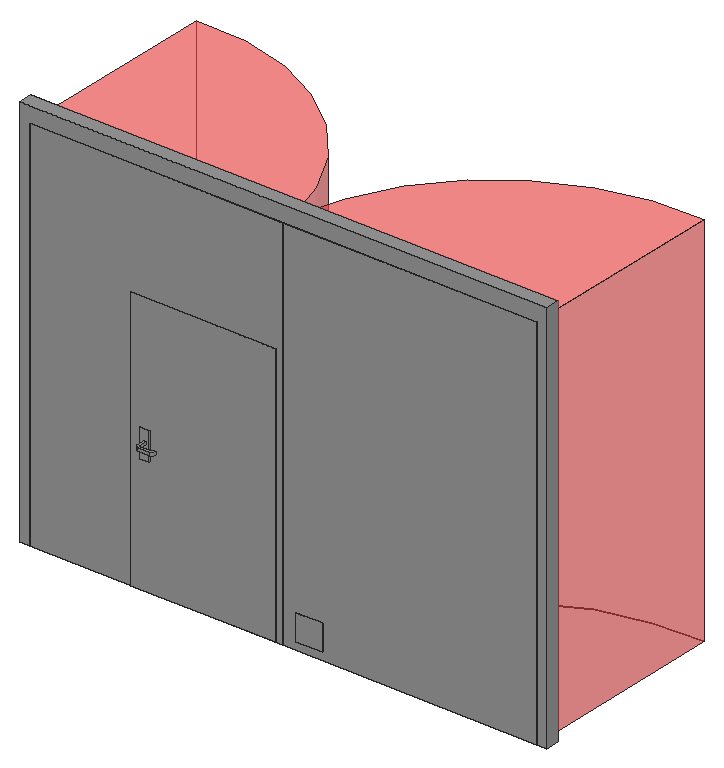
Revit family "raspashnie_protivopozarnie_vorota_firetechnics-d_ei60", category Двери, Revit 2018
Family settings
  Основа = Стена
  Номер OmniClass = 23.30.10.00
  Заголовок OmniClass = Doors
  Всегда вертикально = Да
  При загрузке вырезать с полостями = Нет
  Общий = Нет
  Точка расчета площади = Нет
Parameters (values of type "Распашные противопажарные ворота FireTechnics-D EI60")
  ширина полотна = 90 mm  # constant formula
  Ширина стойки = 53.699 mm
  Ширина стоек = 70 mm  # constant formula
  Ширина двери = 1100 mm  # constant formula
  Функция = Внутренние слои
  Резервирование простанства = Границы резервирования пространства
  Разработано = "support@bimlib.ru"  # constant formula
  Противопожарный люк [instance] = yes
  Противопожарная дверь [instance] = yes
  Огнестойкость = "EI60"
  Материал стоек = Сталь_оцинкованная_листовая Firetechnics
  Материал ручки = СВМПЭ, черный
  Материал полотна = Полотно с наполнителем из минерального заполнителя
  Изготовитель = "Firetechnics"  # constant formula
  Зона резервирования [instance] = yes
  Ворота открыто [instance] = yes
  Высота противопожарной двери = 2000 mm  # constant formula
  Высота поперечного бруса = 120 mm  # constant formula
  Height = ADSK_Размер_Высота  # 3000 mm
  Замыкание стены = По основе
  Width = ADSK_Размер_Ширина  # 4000 mm
  Видимость 2 [instance] = and(Ворота открыто, Противопожарный люк)  # yes
  Видимость 1 [instance] = and(Ворота открыто, Противопожарная дверь)  # yes
  Аналитическая конструкция = "<Нет>"
  URL = "https://www.fire-tec.ru/"
  ADSK_Размер_Ширина = 4000 mm
  ADSK_Размер_Высота = 3000 mm
  ADSK_Примечание [instance] = ""
  ADSK_Предел огнестойкости = "EI60"
  ADSK_Позиция [instance] = ""
  ADSK_Обозначение = ""
  ADSK_Наименование = "Распашные противопажарные ворота Firetechnics-D EI60"
  ADSK_Масса_Текст = ""
  ADSK_Завод-изготовитель = ""
  ADSK_Единица измерения = ""
  ADSK_URL страницы изделия = "https://www.fire-tec.ru/catalog/protivopozharnye-vorota/protivopozharnye-raspashnye-vorota/"
  ADSK_URL документации изделия = ""
Reference planes
  plane 1: y = 0
  plane 2 "По центру (Влево/Вправо)": x = 0
  plane 3 "Слева": x = -2000
  plane 4 "Справа": x = 2000
  plane 5: z = 3000
  plane 6 "Наружный": y = 68.902
  plane 7 "Внутренние": y = -81.098
  plane 8: y = 38.902
  plane 9: y = -51.098
  plane 10: z = 2880
  plane 11: x = -1930
  plane 12: x = 1930
  plane 13: x = -58.299
  plane 14: x = -1158.299
  plane 15: z = 2000
  plane 16: x = 96.816
  plane 17: x = 296.816
  plane 18: z = 57.234
  plane 19: z = 257.234
  plane 20: y = 53.699
Forms (mm)
  Extrusion 1, void
    sketch origin (0, 0, 0) x (1, 0, 0) y (0, 1, 0)
      loop
        line (-2000, 68.902) -> (-2000, -81.098) -> (2000, -81.098) -> (2000, 68.902) -> (-2000, 68.902)
    from 0 to 3000
  Extrusion 2, solid, material "Полотно с наполнителем из минерального заполнителя" <- "Материал полотна", visible <- "Ворота открыто"
    sketch origin (0, 0, 0) x (1, 0, 0) y (0, 1, 0)
      loop
        line (-1929.64, 38.902) -> (-1929.64, -51.098) -> (0, -51.098) -> (0, 38.902) -> (-1929.64, 38.902)
    from 0 to 2880
  Extrusion 3, solid, material "Полотно с наполнителем из минерального заполнителя" <- "Материал полотна", visible <- "Ворота открыто"
    sketch origin (0, 0, 0) x (1, 0, 0) y (0, 1, 0)
      loop
        line (1930, 38.902) -> (0, 38.902) -> (0, -51.098) -> (1930, -51.098) -> (1930, 38.902)
    from 0 to 2880
  Extrusion 4, solid, material "Сталь_оцинкованная_листовая Firetechnics" <- "Материал стоек"
    sketch origin (0, 0, 0) x (1, 0, 0) y (0, 1, 0)
      loop
        line (-2000, 53.699) -> (-2000, -51.098) -> (2000, -51.098) -> (2000, 53.699) -> (-2000, 53.699)
    from 2880 to 3000
  Extrusion 5, solid, material "Сталь_оцинкованная_листовая Firetechnics" <- "Материал стоек"
    sketch origin (0, 0, 0) x (1, 0, 0) y (0, 1, 0)
      loop
        line (-2000, 53.699) -> (-2000, -51.098) -> (-1930, -51.098) -> (-1930, 53.699) -> (-2000, 53.699)
    from 0 to 2880
  Extrusion 6, solid, material "Сталь_оцинкованная_листовая Firetechnics" <- "Материал стоек"
    sketch origin (0, 0, 0) x (1, 0, 0) y (0, 1, 0)
      loop
        line (1930, 53.699) -> (1930, -51.098) -> (2000, -51.098) -> (2000, 53.699) -> (1930, 53.699)
    from 0 to 2880
  Extrusion 7, solid, material "Полотно с наполнителем из минерального заполнителя" <- "Материал полотна", visible <- "Видимость 1"
    sketch origin (0, 0, 0) x (1, 0, 0) y (0, 1, 0)
      loop
        line (-1158.299, 38.902) -> (-1158.299, -51.098) -> (-58.299, -51.098) -> (-58.299, 38.902) -> (-1158.299, 38.902)
    from 0 to 2000
  Extrusion 8, solid, material "Полотно с наполнителем из минерального заполнителя" <- "Материал полотна", visible <- "Видимость 2"
    sketch origin (0, -81.098, 0) x (1, 0, 0) y (0, 0, 1)
      loop
        line (296.816, 57.234) -> (296.816, 257.234) -> (96.816, 257.234) -> (96.816, 57.234) -> (296.816, 57.234)
    from -120 to -30
  Extrusion 9, solid, material "Границы резервирования пространства" <- "Резервирование простанства", visible <- "Зона резервирования"
    sketch origin (0, 0, 0) x (1, 0, 0) y (0, 1, 0)
      loop
        line (-1930, 38.902) -> (0.056, 38.902)
        arc (0.056, 38.902) -> (-678.611, 1157.372) -> (-1930, 1538.932) r 1833.885
        line (-1930, 1538.932) -> (-1930, 38.902)
    from 0 to 2880
  Extrusion 10, solid, material "Границы резервирования пространства" <- "Резервирование простанства", visible <- "Зона резервирования"
    sketch origin (0, 0, 0) x (1, 0, 0) y (0, 1, 0)
      loop
        arc (1929.64, 1538.957) -> (678.468, 1157.261) -> (-0.056, 38.902) r 1833.885
        line (-0.056, 38.902) -> (1929.64, 38.902) -> (1929.64, 1538.957)
    from 0 to 2880
Cuts and joins
  joined: Extrusion 4, Extrusion 5, Extrusion 6
Lines and regions (mm)
  symbolic lines, style "Doors"
    curve 1: line (-1929.64, 38.902, 0) -> (-1929.64, 1538.957, 0)
    curve 2: arc (-1929.64, 1538.957, 0) -> (-678.591, 1157.356, 0) -> (0, 39.207, 0) r 1833.885
    curve 3: line (1929.64, 38.902, 0) -> (1929.64, 1538.957, 0)
    curve 4: arc (1929.64, 1538.957, 0) -> (678.591, 1157.356, 0) -> (0, 39.207, 0) r 1833.885
    curve 6: line (-1929.64, 38.902, 0) -> (-2000, 38.902, 0)
    curve 7: line (1929.64, 38.902, 0) -> (2000, 38.902, 0)
  model lines, style "InvisibleLines"
    curve 5: line (296.816, 38.902, 0) -> (96.816, 38.902, 0)
Text (mm)
  text "Наружный" at (-2295.016, 1099.543, 0), in view "Опорный уровень"
  text "Наружный" at (0, 1615.38, 3698.081), in view "Слева"
  text "Наружный" at (0, 1036.032, 3874.932), in view "Справа"
Dimensions and locks
  equal spacing: plane 3 "Слева", plane 2 "По центру (Влево/Вправо)", plane 4 "Справа"
  "Width": plane 3 "Слева" to plane 4 "Справа"
  "Height": plane 5 to host wall
  host wall to plane 5 = 3000 mm  (x2)
  locked: plane 6 "Наружный" to host wall at 0
  locked: plane 7 "Внутренние" to host wall
  "Высота поперечного бруса": plane 10 to plane 5
  equal spacing: plane 8, host wall, plane 9
  "ширина полотна": plane 8 to plane 9
  "Ширина стоек": plane 12 to plane 4 "Справа"
  "Ширина стоек": plane 3 "Слева" to plane 11
  "Ширина двери": plane 14 to plane 13
  "Высота противопожарной двери": plane 15 to level
  plane 19 to plane 18 = 200 mm
  plane 17 to plane 16 = 200 mm
  "Ширина стойки": plane 1 to plane 20
  locked: nested 1 to plane 1 at 51.098
  locked: Extrusion 7 to nested 2 at 133.299
  locked: plane 14 to nested 1 at 133.299
  aligned and locked: Extrusion 1 sketch curve to host wall  (x2)
  aligned and locked: Extrusion 1 sketch curve to plane 3 "Слева"
  aligned and locked: plane 4 "Справа" to Extrusion 1 sketch curve
  aligned and locked: Extrusion 1 to plane 5
  aligned and locked: Extrusion 2 sketch curve to plane 8
  aligned and locked: plane 9 to Extrusion 2 sketch curve
  aligned and locked: Extrusion 2 sketch curve to plane 2 "По центру (Влево/Вправо)"
  aligned and locked: Extrusion 3 sketch curve to plane 8
  aligned and locked: Extrusion 4 to plane 5
  aligned and locked: Extrusion 4 to plane 10
  aligned and locked: plane 12 to Extrusion 3
  aligned and locked: Extrusion 6 sketch curve to Extrusion 3
  aligned and locked: Extrusion 6 sketch curve to plane 9
  aligned and locked: plane 4 "Справа" to Extrusion 6 sketch curve
  aligned and locked: Extrusion 5 to Extrusion 4
  aligned and locked: Extrusion 2 to Extrusion 4
  aligned and locked: Extrusion 2 to Extrusion 3
  aligned and locked: Extrusion 7 sketch curve to plane 8
  aligned and locked: plane 14 to Extrusion 7 sketch curve
  aligned and locked: plane 9 to Extrusion 7 sketch curve
  aligned and locked: Extrusion 7 sketch curve to plane 13
  aligned and locked: Extrusion 7 to level
  aligned and locked: plane 15 to Extrusion 7
  aligned and locked: plane 18 to Extrusion 8 sketch curve
  aligned and locked: Extrusion 8 sketch curve to plane 17
  aligned and locked: plane 19 to Extrusion 8 sketch curve
  aligned and locked: plane 16 to Extrusion 8 sketch curve
  aligned and locked: plane 8 to Extrusion 8
  aligned and locked: Extrusion 5 to plane 20
  aligned and locked: Extrusion 6 to plane 20
  aligned and locked: Extrusion 8 to plane 9
  aligned and locked: Extrusion 4 to Extrusion 5
  aligned and locked: plane 9 to nested 1
  aligned and locked: nested 2 to plane 8
  aligned and locked: cut or joined group of Extrusion 4, Extrusion 5, Extrusion 6 to plane 10
  aligned and locked: Extrusion 9 sketch curve to curve 2
  aligned and locked: Extrusion 9 sketch curve to Extrusion 2
  aligned and locked: plane 11 to Extrusion 9 sketch curve
  aligned and locked: Extrusion 10 sketch curve to curve 4
  aligned and locked: Extrusion 10 sketch curve to curve 3
  aligned and locked: Extrusion 3 to Extrusion 10 sketch curve
  aligned and locked: Extrusion 10 to Extrusion 2
  aligned and locked: Extrusion 10 to level
  aligned and locked: Extrusion 9 to level
  aligned and locked: Extrusion 9 to Extrusion 2
  aligned and locked: plane 3 "Слева" to curve 6
  aligned and locked: curve 6 to Extrusion 9
  aligned and locked: plane 4 "Справа" to curve 7
Automatic sketch dimensions
  Extrusion 2 sketch curve to plane 3 "Слева" = 70.36 mm
  Extrusion 3 sketch curve to plane 2 "По центру (Влево/Вправо)" = 0 mm
  plane 9 to Extrusion 3 sketch curve = 0 mm
  Extrusion 3 sketch curve to plane 12 = 0 mm
  Extrusion 4 sketch curve to plane 3 "Слева" = 0 mm
  Extrusion 4 sketch curve to plane 4 "Справа" = 0 mm
  Extrusion 4 sketch curve to plane 9 = 0 mm
  plane 8 to Extrusion 4 sketch curve = 14.797 mm
  Extrusion 5 sketch curve to plane 3 "Слева" = 0 mm
  Extrusion 5 sketch curve to plane 9 = 0 mm
  Extrusion 5 sketch curve to plane 11 = 0 mm
  plane 20 to Extrusion 5 sketch curve = 0 mm
  plane 20 to Extrusion 6 sketch curve = 0 mm
  curve 6 to plane 8 = 0 mm
  curve 2 to plane 2 "По центру (Влево/Вправо)" = 0 mm
  curve 5 to plane 8 = 0 mm
  curve 5 to plane 16 = 0 mm
  curve 5 to plane 17 = 0 mm
  plane 8 to curve 3 = 0 mm
  plane 11 to curve 1 = 0.36 mm
  plane 11 to curve 2 = 126.018 mm
  curve 4 to plane 12 = 126.018 mm
  curve 3 to plane 12 = 0.36 mm
  host wall to curve 4 = 209.52 mm
  host wall to curve 2 = 209.52 mm
  curve 1 to curve 1 = 1500.055 mm
Nested families
  nested 1: "ручка двери" at (-1025, -51.098, 955), visible <- "Видимость 1", type "ручка вправо", detail levels fine
  nested 2: "ручка двери" at (-1025, 38.902, 955), visible <- "Видимость 1", type "ручка вправо", detail levels fine
Definition of nested family "ручка двери"
  Parameters (values of type "ручка вправо")
    материал ручки = none
  Types (2): name
    ручка вправо
    ручка влево
  Reference planes
    plane 1 "По центру (Вперед/Назад)": y = 0
    plane 2: z = 0
    plane 3 "По центру (Влево/Вправо)": x = 0
    plane 4: y = -94.522
    plane 5: through (90.978, -140.02, 1571.813) normal (-1, 0, 0.003)
    plane 6: y = -74.753
  Forms (mm)
    Extrusion 1, solid, material <- "материал ручки"
      sketch origin (0, 0, 28.186) x (1, 0, 0) y (0, 0, 1)
        loop
          line (-64.593, 122.232) -> (-64.593, -92.42) -> (6.493, -92.42) -> (6.493, 122.232) -> (-64.593, 122.232)
      from 0 to 5
    Extrusion 2, solid, material <- "материал ручки"
      sketch origin (-9.05, 15, 48.105) x (-0.999996, 0, 0.002989) y (0, -1, 0)
        loop
          line (4.809, 20) -> (20, 20) -> (20, 82.112)
          arc (20, 82.112) -> (14.468, 99.078) -> (0, 109.522) r 28.783
          line (0, 109.522) -> (-95.473, 109.522)
          arc (-95.473, 109.522) -> (-109.942, 99.078) -> (-115.473, 82.112) r 28.783
          line (-115.473, 82.112) -> (-100.473, 82.112)
          arc (-100.473, 82.112) -> (-98.235, 87.515) -> (-92.832, 89.753) r 7.641
          line (-92.832, 89.753) -> (-2.832, 89.753)
          arc (-2.832, 89.753) -> (2.571, 87.515) -> (4.809, 82.112) r 7.641
          line (4.809, 82.112) -> (4.809, 20)
      from 0 to 20
  Dimensions and locks
    aligned and locked: level to plane 2
